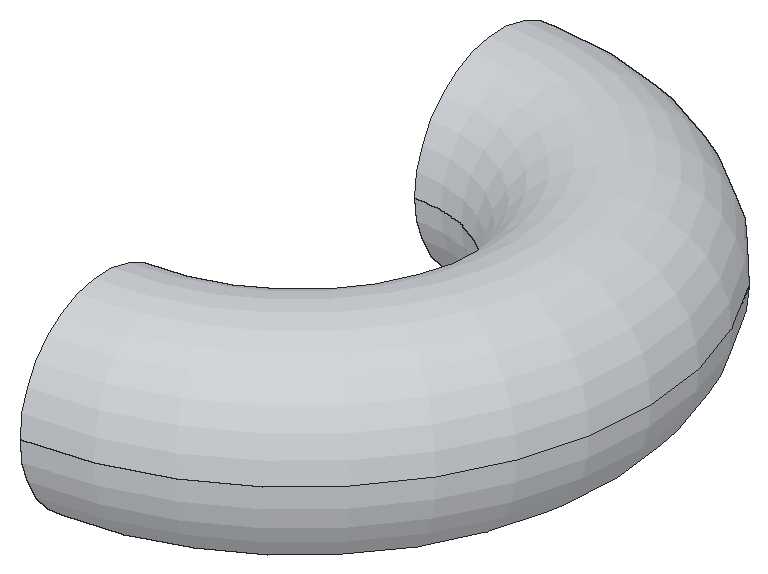
Revit family "Retorno dobrado - Soquete - Aço", category Conexões de tubo, Revit 2019
Family settings
  Cota do conector redondo = Usar raio
  Tipo de parte = Múltiplas portas
  Com base no plano de trabalho = Não
  Sempre na vertical = Sim
  Corte com vazios quando carregada = Não
  Compartilhado = Não
Parameters (values of type "Padrão")
  Tamanho da marca de revisão [instance] = 0.4 * Diâmetro externo da conexão  # 19.2 mm
  Raio nominal [instance] = 20 mm
  Diâmetro nominal [instance] = Raio nominal * 2  # 40 mm
  Método de perda = Não definido
  Nome da tabela de pesquisa = "BR_Return Bend - Socket - Steel"
  Centro do meio para o centro [instance] = Centro para o centro / 2  # 57 mm
  Raio externo da conexão [instance] = Diâmetro externo da conexão / 2  # 24 mm
  Diâmetro externo da conexão [instance] = size_lookup(Nome da tabela de pesquisa, "FOD", Diâmetro nominal + 11.4 mm, Diâmetro nominal)  # 48 mm
  Centro para o centro [instance] = size_lookup(Nome da tabela de pesquisa, "CtC", 3.05 * Diâmetro nominal - 0.2 mm, Diâmetro nominal)  # 114 mm
Reference planes
  plane 1 "Centro (Frente/Trás)": y = 0
  plane 2: z = 0
  plane 3 "Centro (Esquerda/Direita)": x = 0
  plane 4: x = 57
  plane 5: y = -57
  plane 6: y = 19.2
  plane 7: y = -19.2
  plane 8: y = -94.8
  plane 9: y = -133.2
  plane 10: y = -114
  plane 11: z = 10.65
  plane 12: z = -10.65
Forms (mm)
  Sweep 1, solid, detail levels fine
    path in 3D
      loop
        arc (0, -114, 0) -> (57, -57, 0) -> (0, 0, 0) r 57
    profile origin (57, -57, 0) x (-1, 0, 0) y (0, 0, 1)
      loop
        circle (0, 0) r 24
Lines and regions (mm)
  model lines, detail levels coarse+medium
    curve 1: arc (0, -114, 0) -> (57, -57, 0) -> (0, 0, 0) r 57
    curve 3: line (0, 19.2, 0) -> (0, -19.2, 0)
    curve 4: line (0, -94.8, 0) -> (0, -133.2, 0)
  sketch lines
    curve 2: arc (0, -114, 0) -> (57, -57, 0) -> (0, 0, 0) r 57
Dimensions and locks
  "Centro do meio para o centro": plane 3 "Centro (Esquerda/Direita)" to plane 4
  "Tamanho da marca de revisão": plane 8 to plane 10
  "Tamanho da marca de revisão": plane 10 to plane 9
  "Centro do meio para o centro": plane 1 "Centro (Frente/Trás)" to plane 5
  "Centro para o centro": plane 1 "Centro (Frente/Trás)" to plane 10
  "Tamanho da marca de revisão": plane 1 "Centro (Frente/Trás)" to plane 7
  "Tamanho da marca de revisão": plane 6 to plane 1 "Centro (Frente/Trás)"
  equal spacing: plane 11, plane 2, plane 12
  "Centro do meio para o centro": radius of curve 1
  "Raio externo da conexão": radius of Sweep 1 sketch curve
  locked: curve 1 to curve 1 (angle 180.00°)
  aligned and locked: plane 5 to curve 1
  aligned and locked: plane 3 "Centro (Esquerda/Direita)" to curve 1  (x2)
  aligned and locked: plane 6 to curve 3
  aligned and locked: plane 7 to curve 3
  aligned and locked: curve 3 to plane 3 "Centro (Esquerda/Direita)"
  aligned and locked: plane 8 to curve 4
  aligned and locked: plane 9 to curve 4
  aligned and locked: curve 4 to plane 3 "Centro (Esquerda/Direita)"
Automatic sketch dimensions
  Sweep 1 sketch curve to profile plane = 0 mm  (x2)
Connectors
  piping at (0, 0, 0), diameter 40, driven by "Raio nominal"
    settings: on Sweep 1, index 1, connector inside diameter 40 mm, connector length 0 mm, flow factor 0, pipe flow 0.0 L/s, pressure drop 0.0 Pa, fitting loss kfactor 0, connector angle 0.00°, fixture units 0, engagement length 0 mm, angle of deflection 0.00°, flow configuration 0, flow direction 0, fitting loss method 0, system type 28, joint type 0, gender type 0, connector reference index 2, connector utility 0, adjustable connector no, is connector primary yes, connector description ""
  piping at (0, -114, 0), diameter 40, driven by "Raio nominal"
    settings: on Sweep 1, index 2, connector inside diameter 40 mm, connector length 0 mm, flow factor 0, pipe flow 0.0 L/s, pressure drop 0.0 Pa, fitting loss kfactor 0, connector angle 0.00°, fixture units 0, engagement length 0 mm, angle of deflection 0.00°, flow configuration 0, flow direction 0, fitting loss method 0, system type 28, joint type 0, gender type 0, connector reference index 1, connector utility 0, adjustable connector no, is connector primary no, connector description ""
